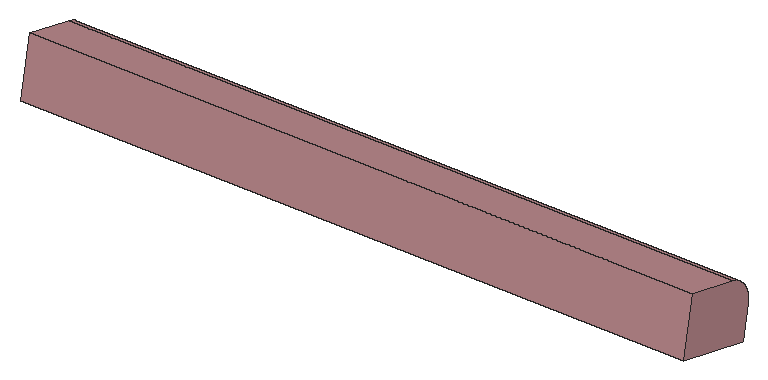
Revit family
Parameters (values of type "102mm Deep 45mm Radius")
  Opening Width [instance] = 1210.0 mm
  Material Cill = Masonry - Brickwork Cill
  Keynote = "F10"
  Cill Height [instance] = 910.0 mm
  Cill/Lintol Length [instance] = Opening Width + 2 * (Cill Lintol Bearing)  # 1210.0 mm
  Cill Lintol Bearing = 0.0 mm
Reference planes
  plane 1 "Wall": y = -11.298
  plane 2 "Center (Left/Right)": x = 161.814
  plane 3 "Back": y = 138.702
  plane 4 "U/S Lintol": z = 910
  plane 5: x = 766.814
  plane 6: x = -443.186
  plane 7: x = 766.814
  plane 8: x = -443.186
  plane 9: y = 143.702
  plane 10: y = 41.202
Forms (mm)
  Extrusion 1, solid, material "Masonry - Brickwork Cill" <- "Material Cill"
    sketch origin (161.814, 0, 2.703) x (0, 1, 0) y (0, 0, 1)
      loop
        line (53.918, 907.297) -> (32.607, 807.037) -> (166.613, 778.553) -> (178.568, 834.797)
        arc (178.568, 834.797) -> (172.292, 868.661) -> (143.907, 888.169) r 45
        line (143.907, 888.169) -> (53.918, 907.297)
    from -605 to 605
  Extrusion 2, void
    sketch origin (161.814, 0, 0) x (0, -1, 0) y (0, 0, 1)
      loop
        line (-138.702, 787.189) -> (-41.202, 807.913) -> (-41.202, 910) -> (-138.702, 910) -> (-138.702, 787.189)
    from -605 to 605
Text (mm)
  text "Placement side" at (-1848.837, 1116.779, 0), in view "Ref. Level"
  text "Placement side" at (0, 1409.804, 2854.306), in view "Left"
  text "Placement side" at (0, 499.811, 2980.732), in view "Right"
Dimensions and locks
  locked: plane 3 "Back" to host wall
  equal spacing: plane 5, plane 2 "Center (Left/Right)", plane 6
  "Opening Width": plane 5 to plane 6
  "Cill Lintol Bearing": plane 7 to plane 5
  "Cill Lintol Bearing": plane 6 to plane 8
  "Cill Height": level to plane 4 "U/S Lintol"
  locked: plane 3 "Back" to plane 9 at 5
  locked: plane 10 to plane 9 at 102.5
  Extrusion 1 sketch curve to Extrusion 1 sketch curve = 137.0 mm
  Extrusion 1 sketch curve to Extrusion 1 sketch curve = 102.5 mm
  radius of Extrusion 1 sketch curve = 45.0 mm
  aligned and locked: plane 1 "Wall" to host wall
  aligned and locked: plane 3 "Back" to Extrusion 2 sketch curve
  aligned and locked: plane 10 to Extrusion 2 sketch curve
  aligned and locked: plane 4 "U/S Lintol" to Extrusion 2 sketch curve
  aligned and locked: plane 7 to Extrusion 2
  aligned and locked: Extrusion 2 to plane 8
  aligned and locked: plane 7 to Extrusion 1
  aligned and locked: Extrusion 1 to plane 8
  aligned and locked: Extrusion 2 sketch curve to Extrusion 1
Automatic sketch dimensions
  Extrusion 1 sketch curve to plane 10 = 8.595 mm
  Extrusion 1 sketch curve to plane 4 "U/S Lintol" = 0.0 mm
  Extrusion 1 sketch curve to plane 9 = 9.151 mm
  host wall to Extrusion 1 sketch curve = 5.205 mm
  Extrusion 1 sketch curve to Extrusion 1 sketch curve = 11.955 mm
